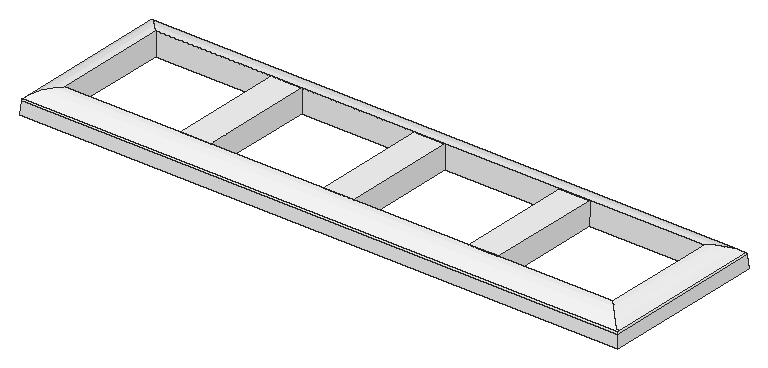
Revit family "Gira_021403", category Electrical Fixtures, host Face, Revit 2017
Family settings
  Host = Face
  Maintain Annotation Orientation = No
  Round Connector Dimension = Use Diameter
  Part Type = Normal
  Cut with Voids When Loaded = No
  Shared = No
  Room Calculation Point = No
Parameters (values of type "Abdeckrahmen 4f Standard 55 Reinweiß")
  Werkstoffgüte = "Thermoplast"
  Werkstoff = "Kunststoff"
  URL = "http://katalog.gira.de/de_DE/datenblatt.html?artikelnr=021403"
  Transparent = "No"
  Textfeld/Beschriftungsfläche = "No"
  Schutzart (IP) = "IP20"
  Region = "DE"
  RAL-Nummer (ähnlich) = "9010 "
  Oberfläche = "sonstige"
  Name = "Abdeckrahmen 4f Standard 55 Reinweiß"
  Montagerichtung = "horizontal und vertikal"
  Mit Montagerahmen = "No"
  Mit Klappdeckel = "No"
  Manufacturer URL = "https://www.gira.de/"
  Keynote = "Std55_Rahmen_4fach"
  HeinzeBIM = "https://bimportal.heinze.de/bim/abdeckrahmen-4f-standard-55-reinweiss/a7fa0ca008a7e20abfd72cb01a5734c8424a867f"
  Halogenfrei = "Yes"
  HAN = "021403"
  Geeignet für Unterputz-Installation = "Yes"
  Geeignet für Unterflurkanaldose = "No"
  Geeignet für Geräteeinbaukanal = "No"
  Geeignet für Einbauinstallation = "No"
  GTIN = "4010337214038"
  Farbe = "weiß"
  Default Elevation = 1219.2 mm
  Data sheet (1) = "https://katalog.gira.de/de_DE/download.html?artikelnr=021403"
  Category = "Abdeckrahmen"
  Befestigungsart = "Klemmbefestigung"
  Available = "Yes"
  Ausführung der Oberfläche = "glänzend"
  Anzahl der Einheiten vertikal = "4 "
  Anzahl der Einheiten horizontal = "4 "
  Anzahl der Einheiten = "4 "
Reference planes
  plane 1 "Center (Front/Back)": y = 0
  plane 2: z = 0
  plane 3 "Center (Left/Right)": x = 0
  plane 4: x = -40.3
  plane 5: x = 40.3
  plane 6: y = -147.3
  plane 7: y = 147.3
  plane 8: y = -71.3
  plane 9: y = 71.3
Forms (mm)
  Sweep 1, solid, material "White", detail levels fine
    path origin (0, 0, 0) x (0, -1, 0) y (1, 0, 0)
      loop
        line (40.3, 147.3) -> (-40.3, 147.3) -> (-40.3, -147.3) -> (40.3, -147.3) -> (40.3, 147.3)
    profile origin (147.3, 0, 0) x (-1, 0, 0) y (0, 0, 1)
      loop
        arc (12.22, 11.373) -> (5.983, 10.294) -> (0.641, 6.901) r 16.145
        arc (0.641, 6.901) -> (0.395, 6.426) -> (0.309, 5.898) r 1.694
        line (0.309, 5.898) -> (0, 0) -> (12.319, 0) -> (12.22, 11.373)
  Extrusion 2, solid, material "White", detail levels fine
    sketch origin (-70.7, 0, 0) x (1, 0, 0) y (0, 0, 1)
      loop
        line (7.4, 0) -> (7.4, 11.373) -> (-7.4, 11.373) -> (-7.4, 0) -> (7.4, 0)
    from -28.08 to 28.08
  Extrusion 3, solid, material "White", detail levels fine
    sketch origin (71.3, 0, 0) x (1, 0, 0) y (0, 0, 1)
      loop
        line (7.4, 0) -> (7.4, 11.373) -> (-7.4, 11.373) -> (-7.4, 0) -> (7.4, 0)
    from -28.08 to 28.08
  Extrusion 4, solid, material "White", detail levels fine
    sketch origin (0, 0, 0) x (1, 0, 0) y (0, 0, 1)
      loop
        line (7.4, 0) -> (7.4, 11.373) -> (-7.4, 11.373) -> (-7.4, 0) -> (7.4, 0)
    from -28.08 to 28.08
  Extrusion 5, solid, material "White", detail levels coarse+medium
    sketch origin (0, 0, 0) x (0, -1, 0) y (1, 0, 0)
      loop
        line (-40.3, 147.3) -> (-40.3, -147.3) -> (40.3, -147.3) -> (40.3, 147.3) -> (-40.3, 147.3)
    from 0 to 11.373
Dimensions and locks
  aligned and locked: plane 2 to host face
  aligned and locked: level to host face
